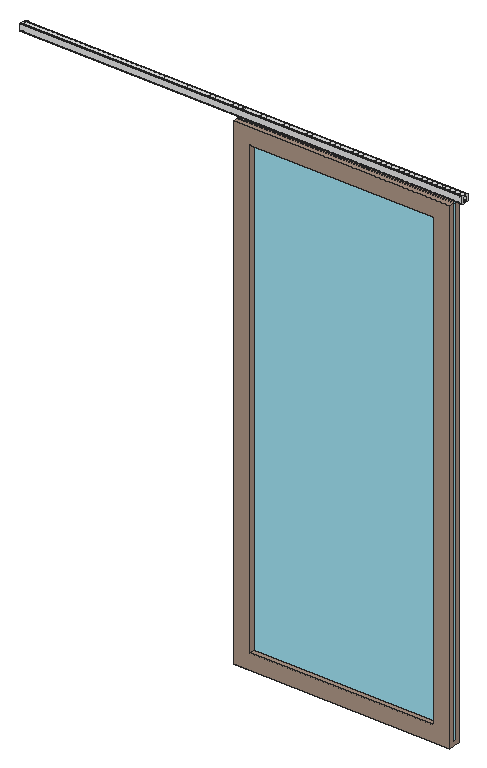
Revit family "Slido S1 Ceiling mount Section", category Doors, host Wall, Revit 2016
Family settings
  Host = Wall
  Always vertical = Yes
  Cut with Voids When Loaded = No
  Shared = No
  Room Calculation Point = No
Parameters (values of type "39"x 94 7/8"")
  URL = "www.raydoor.com"
  Type Image = S1_Raydoor.jpg
  Thickness = 2 1/2"  # constant formula
  Rough Width = 1"  # constant formula
  Rough Height = 2 * Panel Width  # 82"
  Model = "S1"
  Function = Interior
  Door Material = Door - Panel
  Panel Material = Glass, Cast, Gray
  Height = 94 7/8"
  Trim Projection Ext = 63/64"  # constant formula
  Typ = 3"  # constant formula
  Panel Width = Width + 2"  # 41"
  Wall Closure = By host
  Width = 39"
  Assembly Code = "S1 XRDLP"
Reference planes (in)
  plane 1: y = 0
  plane 2: z = 0
  plane 3: x = 0
  plane 4: x = -19.5
  plane 5: x = 19.5
  plane 6: z = 94.875
  plane 7: y = -5.5
  plane 8: z = 93.6875
  plane 9: x = -19.5
  plane 10: z = 92.875
Forms (in)
  Extrusion 1, solid, material "Door - Panel" <- "Door Material"
    sketch origin (-58, -3, 0) x (1, 0, 0) y (0, 0, 1)
      loop
        line (37.5, 92.875) -> (37.5, 0.40441) -> (78.5, 0.40441) -> (78.5, 92.875) -> (37.5, 92.875)
      loop
        line (40.5, 89.875) -> (40.5, 3.40441) -> (75.5, 3.40441) -> (75.5, 89.875) -> (40.5, 89.875)
    from 0.25164 to 2.5
  Extrusion 2, solid, material "Glass, Cast, Gray" <- "Panel Material"
    sketch origin (-58, -15.26431, 0.25) x (1, 0, 0) y (0, 0, 1)
      loop
        line (37.5, 92.625) -> (37.5, 1.02941) -> (78.5, 1.02941) -> (78.5, 92.625) -> (37.5, 92.625)
    from -11.01267 to -10.76431
  Extrusion 3, solid, material "UHMW, White", detail levels medium+fine
    sketch origin (16.52771, -5, 0.25) x (0, 1, 0) y (0, 0, 1)
      loop
        line (1.27681, -0.25) -> (1.27681, -0.0625) -> (0.71431, -0.0625) -> (0.71431, 0.75) -> (0.52681, 0.75) -> (0.52681, -0.0625) -> (-0.03569, -0.0625) -> (-0.03569, -0.25) -> (1.27681, -0.25)
      loop
        line (0.09293, 94.374) -> (0.09293, 93.60447) -> (1.15543, 93.60447) -> (1.15543, 94.374) -> (0.09293, 94.374)
    from -37.02771 to -34.52771
  Extrusion 4, solid, material "UHMW, White", not visible
    sketch origin (20.442, -5.5, 92.8125) x (0, 1, 0) y (0, 0, 1)
      loop
        line (-0.25082, 0.875) -> (0.50765, 0.875) -> (0.50765, 2.0625) -> (-0.25082, 2.0625) -> (-0.25082, 0.875)
      loop
        line (2.5, 0.875) -> (2.5, 2.0625) -> (1.74065, 2.0625) -> (1.74065, 0.875) -> (2.5, 0.875)
    from 2.058 to -81.942
  Extrusion 5, solid, material "UHMW, White", detail levels medium+fine
    sketch origin (0, 37.0452, -9.0893) x (0, 1, 0) y (0, 0, 1)
      loop
        line (-41.24319, 103.87055) -> (-41.24319, 103.77372) -> (-41.18392, 103.77372) -> (-41.18392, 103.87055) -> (-41.01004, 103.87055) -> (-41.01004, 103.74091) -> (-40.87568, 103.72916) -> (-40.87568, 102.86873) -> (-40.90729, 102.75074) -> (-41.12464, 102.73173) -> (-41.12464, 102.65173) -> (-40.92672, 102.65173)
        arc (-40.92672, 102.65173) -> (-40.88484, 102.67271) -> (-40.84295, 102.65173) r 0.0523
        arc (-40.84295, 102.65173) -> (-40.8158, 102.66298) -> (-40.80455, 102.69014) r 0.0384
        line (-40.80455, 102.69014) -> (-40.80455, 103.84523) -> (-40.84407, 103.84523)
        arc (-40.84407, 103.84523) -> (-40.90927, 103.80759) -> (-40.90927, 103.88288) r 0.04347
        line (-40.90927, 103.88288) -> (-40.90927, 103.9643) -> (-41.93277, 103.9643) -> (-41.93277, 103.88288)
        arc (-41.93277, 103.88288) -> (-41.93277, 103.80759) -> (-41.99798, 103.84523) r 0.04347
        line (-41.99798, 103.84523) -> (-42.03755, 103.84523) -> (-42.03755, 102.69046)
        arc (-42.03755, 102.69046) -> (-42.02627, 102.66323) -> (-41.99904, 102.65195) r 0.03851
        arc (-41.99904, 102.65195) -> (-41.95713, 102.67282) -> (-41.91529, 102.6518) r 0.05233
        line (-41.91529, 102.6518) -> (-41.7174, 102.6518) -> (-41.7174, 102.73173) -> (-41.93475, 102.75074) -> (-41.96636, 102.86873) -> (-41.96636, 103.72916) -> (-41.832, 103.74091) -> (-41.832, 103.87055) -> (-41.65813, 103.87055) -> (-41.65813, 103.77372) -> (-41.59885, 103.77372) -> (-41.59885, 103.87055) -> (-41.24319, 103.87055)
    from -61.5 to 22.5
  Extrusion 6, void
    sketch origin (-58, -15.26431, -90.75) x (1, 0, 0) y (0, 0, 1)
      loop
        line (37.5, 92.125) -> (37.5, 91.15441) -> (78.5, 91.15441) -> (78.5, 92.125) -> (37.5, 92.125)
    from -11.01267 to -10.76431
  Extrusion 7, solid, material "UHMW, White"
    sketch origin (-41.44048, -3.96651, 94.875) x (0, -1, 0) y (1, 0, 0)
      loop
        circle (0.40931, 21.94048) r 0.125
    from -2 to 0
Cuts and joins
  Extrusion 6 cuts Extrusion 1
Lines and regions (in)
  Opening 1
    outline origin (-60, -3, 144) x (0, 0, -1) y (1, 0, 0)
      loop
        line (49.125, 40.5) -> (144, 40.5) -> (144, 79.5) -> (49.125, 79.5) -> (49.125, 40.5)
  Masking region 1
    outline origin (0, 0, 0) x (1, 0, 0) y (0, 1, 0)
      loop
        line (-18.25, -5.5) -> (-18.25, -3.25164) -> (-57.25, -3.25164) -> (-57.25, -5.5) -> (-18.25, -5.5)
  symbolic lines, style "Elevation Swing"
    curve 1: line (-12.37555, 0, 37.98833) -> (12.62445, 0, 37.98833)
    curve 2: line (12.62445, 0, 32.79755) -> (-12.37555, 0, 32.79755)
    curve 3: line (-12.37555, 0, 37.98833) -> (-8.84789, 0, 41.52386)
    curve 4: line (9.08104, 0, 29.26202) -> (12.62445, 0, 32.79755)
  symbolic lines, style "Plan Swing"
    curve 5: line (8.5, -14.30364, 0) -> (-8.5, -14.30364, 0)
    curve 6: line (-8.5, -14.30364, 0) -> (-6.37868, -12.18232, 0)
    curve 7: line (8.5, -15.82263, 0) -> (-8.5, -15.82263, 0)
    curve 8: line (6.37868, -17.94395, 0) -> (8.5, -15.82263, 0)
  model lines
    curve 9: line (-19.5, 3, 0) -> (19.5, 3, 0)
Dimensions and locks (in)
  equal spacing: plane 4, plane 3, plane 5
  "Width": plane 4 to plane 5
  "Height": plane 6 to plane 2
  "Thickness": plane 7 to host wall
  Extrusion 1 to Extrusion 1 = 41"
  "Panel Width": Extrusion 1 to Extrusion 1
  equal spacing: Extrusion 1, plane 3, Extrusion 1
  "Rough Width": plane 5 to Extrusion 1
  locked: host wall to Extrusion 1 at 0.25164
  locked: plane 6 to plane 8 at 1.1875
  "Typ": Extrusion 1 sketch curve to Extrusion 1 sketch curve  (x4)
  "Panel Width": Extrusion 2 to Extrusion 2
  Extrusion 2 to Extrusion 2 = 41"
  "Width": Masking region 1 to Masking region 1
  locked: Extrusion 2 to plane 7 at 1
  locked: Extrusion 2 to Extrusion 2 at 0.24836
  locked: Extrusion 1 to Extrusion 2 at 1
  locked: Extrusion 1 to plane 4 at 1
  plane 5 to Extrusion 1 = 1"
  Extrusion 1 to Extrusion 1 = 2.24836"
  host wall to Extrusion 4 sketch curve = 0.75935"
  locked: plane 7 to Extrusion 4 sketch curve at 0.25082
  locked: Extrusion 4 sketch curve to Extrusion 4 sketch curve at 0.75847
  locked: Extrusion 4 to plane 5 at 3
  "Panel Width": Extrusion 4 to Extrusion 1
  locked: Extrusion 3 to plane 4 at 1
  locked: Extrusion 3 to Extrusion 3 at 2.5
  Extrusion 3 sketch curve to Extrusion 3 sketch curve = 3/16"
  locked: Extrusion 2 sketch curve to Extrusion 1 at 0.875
  locked: Extrusion 6 to Extrusion 6 at 0.24836
  locked: plane 9 to Extrusion 7 sketch curve at 0.125
  locked: plane 6 to plane 10 at 2
  Extrusion 5 to Extrusion 5 = 1.233"
  Extrusion 5 to plane 6 = 1 5/16"
  cut or joined group of Extrusion 1, Extrusion 6 to level = 0.40441"
  aligned and locked: Extrusion 2 to Extrusion 1
  aligned and locked: Extrusion 1 to Extrusion 2
  aligned and locked: plane 5 to curve 9
  aligned and locked: plane 7 to Masking region 1 sketch curve
  aligned and locked: Extrusion 1 to plane 7
  aligned and locked: Opening 1 sketch curve to plane 5
  aligned and locked: Opening 1 sketch curve to plane 4
  aligned and locked: Extrusion 4 to host wall
  aligned and locked: Extrusion 4 to plane 6  (x2)
  aligned and locked: plane 8 to Extrusion 4  (x2)
  aligned and locked: Extrusion 4 to Extrusion 5
  aligned and locked: Extrusion 5 to Extrusion 4
  aligned and locked: Extrusion 3 sketch curve to Extrusion 3 sketch curve
  aligned and locked: Extrusion 1 to Extrusion 6
  aligned and locked: cut or joined group of Extrusion 1, Extrusion 6 to Extrusion 2
  aligned and locked: plane 4 to plane 9
  aligned and locked: cut or joined group of Extrusion 1, Extrusion 6 to Masking region 1
  aligned and locked: cut or joined group of Extrusion 1, Extrusion 6 to plane 10
  aligned and locked: plane 10 to Extrusion 7
  aligned and locked: Extrusion 7 to plane 6
Automatic sketch dimensions
  curve 3 to plane 4 = 7.12445"
  level to curve 3 = 37.98833"
  plane 5 to curve 4 = 6.87555"
  curve 1 to curve 4 = 5.19077"
  curve 3 to plane 3 = 8.84789"
  curve 3 to curve 1 = 3.53553"
  plane 3 to curve 4 = 9.08104"
  curve 2 to curve 4 = 3.53553"
  curve 1 to curve 2 = 0"  (x2)
  Opening 1 sketch curve to plane 6 = 0"
  Opening 1 sketch curve to level = 0"
  curve 5 to plane 3 = 8 1/2"
  plane 3 to curve 7 = 8 1/2"
  curve 7 to plane 7 = 10.32263"
  curve 7 to curve 6 = 1.51898"
  curve 7 to curve 5 = 0"
  curve 5 to curve 6 = 2.12132"  (x2)
  curve 8 to curve 7 = 2.12132"  (x2)
  curve 5 to curve 7 = 0"
  plane 4 to Extrusion 2 sketch curve = 1"
  Extrusion 2 sketch curve to plane 5 = 1"
  plane 8 to Extrusion 2 sketch curve = 13/16"
  curve 9 to level = 0"
  plane 4 to curve 9 = 0"
  Extrusion 4 sketch curve to host wall = 0"
  plane 8 to Extrusion 4 sketch curve = 0"  (x2)
  plane 6 to Extrusion 4 sketch curve = 0"  (x2)
  plane 4 to Extrusion 6 sketch curve = 1"
  Extrusion 6 sketch curve to plane 5 = 1"
  level to Extrusion 6 sketch curve = 0.40441"
  level to Extrusion 6 sketch curve = 1 3/8"
  Extrusion 3 sketch curve to level = 0"
  plane 7 to Extrusion 3 sketch curve = 0.46431"
  Extrusion 3 sketch curve to plane 8 = 0.16697"
  Extrusion 3 sketch curve to Extrusion 3 sketch curve = 9/16"  (x2)
  Extrusion 3 sketch curve to Extrusion 3 sketch curve = 3/16"
  plane 6 to Extrusion 3 sketch curve = 0.251"
  Extrusion 3 sketch curve to Extrusion 3 sketch curve = 13/16"
  plane 4 to Masking region 1 sketch curve = 37 3/4"
  Masking region 1 sketch curve to plane 4 = 1 1/4"
  host wall to Masking region 1 sketch curve = 0.25164"
  level to Extrusion 1 sketch curve = 0.40441"
  plane 4 to Extrusion 1 sketch curve = 1"
  plane 5 to Extrusion 1 sketch curve = 2"
  plane 8 to Extrusion 1 sketch curve = 3 13/16"
  plane 6 to Extrusion 5 sketch curve = 0"
  plane 7 to Extrusion 5 sketch curve = 0.50765"
  Extrusion 5 sketch curve to Extrusion 5 sketch curve = 0.03851"
  Extrusion 5 sketch curve to Extrusion 5 sketch curve = 0.03957"
  Extrusion 5 sketch curve to Extrusion 5 sketch curve = 0.03161"
  Extrusion 5 sketch curve to Extrusion 5 sketch curve = 0.04182"
  Extrusion 5 sketch curve to Extrusion 5 sketch curve = 0.04347"  (x2)
  Extrusion 5 sketch curve to Extrusion 5 sketch curve = 0.06429"
  Extrusion 5 sketch curve to Extrusion 5 sketch curve = 0.02173"  (x2)
  Extrusion 5 sketch curve to Extrusion 5 sketch curve = 0.04193"
  Extrusion 5 sketch curve to Extrusion 5 sketch curve = 0.13436"
  Extrusion 5 sketch curve to Extrusion 5 sketch curve = 0.19789"
  Extrusion 5 sketch curve to Extrusion 5 sketch curve = 0.17388"  (x2)
  Extrusion 5 sketch curve to Extrusion 5 sketch curve = 0.05928"  (x2)
  Extrusion 5 sketch curve to Extrusion 5 sketch curve = 0.35566"
  Extrusion 5 sketch curve to Extrusion 5 sketch curve = 0.59276"
  Extrusion 5 sketch curve to Extrusion 5 sketch curve = 0.19792"
  Extrusion 5 sketch curve to Extrusion 5 sketch curve = 0.01943"
  Extrusion 5 sketch curve to Extrusion 5 sketch curve = 0.04189"  (x2)
  Extrusion 5 sketch curve to Extrusion 5 sketch curve = 0.01186"
  Extrusion 5 sketch curve to Extrusion 5 sketch curve = 0.03952"
  Extrusion 5 sketch curve to Extrusion 5 sketch curve = 0.03133"
  Extrusion 5 sketch curve to Extrusion 5 sketch curve = 0.03131"
  Extrusion 5 sketch curve to Extrusion 5 sketch curve = 0.07992"
  Extrusion 5 sketch curve to Extrusion 5 sketch curve = 0.08"
  Extrusion 5 sketch curve to Extrusion 5 sketch curve = 0.06061"
  Extrusion 5 sketch curve to Extrusion 5 sketch curve = 0.06029"
  Extrusion 5 sketch curve to Extrusion 5 sketch curve = 0.11799"  (x2)
  Extrusion 5 sketch curve to Extrusion 5 sketch curve = 0.86043"
  Extrusion 5 sketch curve to Extrusion 5 sketch curve = 0.01175"  (x2)
  Extrusion 5 sketch curve to Extrusion 5 sketch curve = 0.03281"  (x2)
  Extrusion 5 sketch curve to Extrusion 5 sketch curve = 0.11608"  (x2)
  Extrusion 5 sketch curve to Extrusion 5 sketch curve = 0.01232"  (x2)
  Extrusion 5 sketch curve to Extrusion 5 sketch curve = 0.08143"
  Extrusion 5 sketch curve to Extrusion 5 sketch curve = 0"  (x2)
  Extrusion 5 sketch curve to Extrusion 5 sketch curve = 0.10077"
  Extrusion 5 sketch curve to Extrusion 5 sketch curve = 1/32"
  plane 7 to Extrusion 3 sketch curve = 0.59293"
  host wall to Extrusion 3 sketch curve = 0.84457"
  Extrusion 7 sketch curve to Extrusion 5 = 0.51175"
  radius of Extrusion 7 sketch curve = 1/8"
